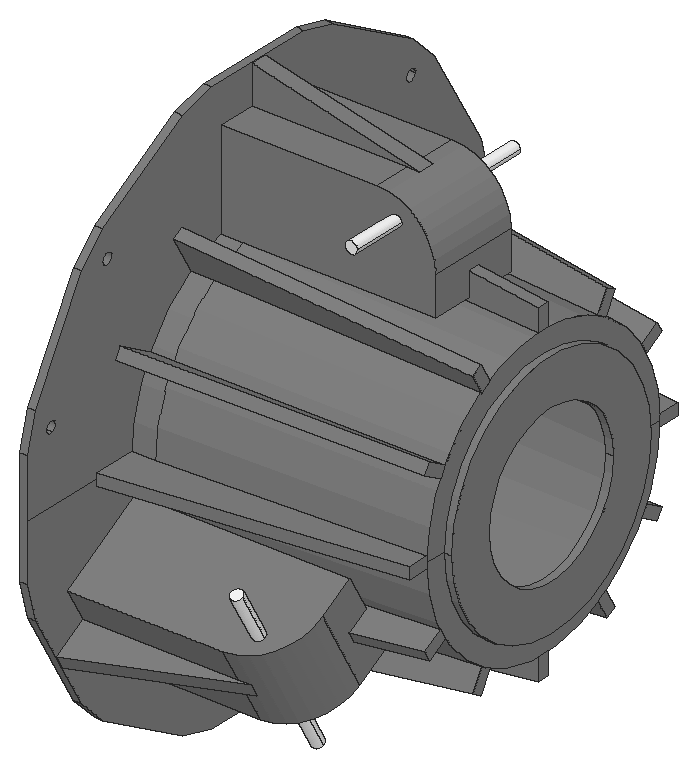
Revit family "L50-40FWS-RR", category Pipe Accessories, Revit 2016
Family settings
  Part Type = Breaks Into
  Round Connector Dimension = Use Diameter
  Work Plane-Based = No
  Always vertical = No
  Cut with Voids When Loaded = No
  Shared = No
Parameters
  URL = "http://www.snapcollars.com.au"
  Model = "L40S-RR"
  Manufacturer = "Snap Fire Systems"
  Description = "The L40S-RR is a high-top, cast-in fire collar for concrete slabs 150mm or thicker."
  Cut Depth Offset [instance] = -1 * (Cut Depth + 1 mm)  # -51 mm
  Cut Depth [instance] = 50 mm
Reference planes
  plane 1 "Center (Front/Back)": y = 0
  plane 2: z = 0
  plane 3 "Center (Left/Right)": x = 20
  plane 4: x = -9.391
  plane 5: x = 57.236
  plane 6: y = 90.593
  plane 7: y = -50
  plane 8: y = 100.593
  plane 9: y = -60
  plane 10: x = 37.557
  plane 11: x = 140.634
Forms (mm)
  Revolve 1, solid, material "PVC-Black", detail levels medium+fine
    sketch origin (220.609, 0, 0) x (1, 0, 0) y (0, 1, 0)
      loop
        line (-155, -37.157) -> (-155, -31.807) -> (-222.776, -38.749) -> (-230, -38.749) -> (-230, -75) -> (-227.967, -75) -> (-227.967, -40.636) -> (-221.904, -40.636) -> (-155, -37.157)
      axis (-230, 0) -> (-155, 0)
    angle from 0 to 360
  Extrusion 2, void
    sketch origin (-7.359, 0, 0) x (0, 1, 0) y (0, 0, -1)
      loop
        line (-19.703, -73.533) -> (19.703, -73.533) -> (53.83, -53.83) -> (73.533, -19.703) -> (73.533, 19.703) -> (53.83, 53.83) -> (19.703, 73.533) -> (-19.703, 73.533) -> (-53.83, 53.83) -> (-73.533, 19.703) -> (-73.533, -19.703) -> (-53.83, -53.83) -> (-19.703, -73.533)
      loop
        circle (0, 0) r 84.908
    from 0 to 2.033
  Extrusion 3, solid, material "PVC-Black", detail levels medium+fine
    sketch origin (220.609, 0, 0) x (1, 0, 0) y (0, 0, 1)
      loop
        line (-227.967, 63.668) -> (-227.967, 38.668) -> (-172.967, 38.668) -> (-172.967, 48.668)
        arc (-172.967, 48.668) -> (-177.361, 59.275) -> (-187.967, 63.668) r 15
        line (-187.967, 63.668) -> (-227.967, 63.668)
    from -12 to 12
  Extrusion 4, solid, material "PVC-Black", detail levels fine
    sketch origin (220.609, 0, 0) x (1, 0, 0) y (0, 0, 1)
      loop
        line (-227.967, 73.533) -> (-227.967, 63.668) -> (-184.924, 63.668) -> (-227.967, 73.533)
    from -2 to 2
  Extrusion 5, solid, material "PVC-White", not visible, detail levels fine
    sketch origin (0, 0, 0) x (1, 0, 0) y (0, 0, 1)
      loop
        line (-80, 60.418) -> (-227.967, 86.048) -> (-227.967, 69.12) -> (-80, 60.418)
    from -1.5 to 1.5
  Extrusion 6, solid, material "PVC-White", not visible, detail levels fine
    sketch origin (0, 0, 0) x (1, 0, 0) y (0, -0.5, 0.866025)
      loop
        line (-80, 60.418) -> (-227.967, 86.048) -> (-227.967, 69.12) -> (-80, 60.418)
    from -1.5 to 1.5
  Extrusion 7, solid, material "PVC-White", not visible, detail levels fine
    sketch origin (0, 0, 0) x (1, 0, 0) y (0, -0.866025, 0.5)
      loop
        line (-80, 60.418) -> (-227.967, 86.048) -> (-227.967, 69.12) -> (-80, 60.418)
    from -1.5 to 1.5
  Extrusion 8, solid, material "PVC-White", not visible, detail levels fine
    sketch origin (0, 0, 0) x (0, -1, 0) y (-1, 0, 0)
      loop
        line (60.418, 80) -> (86.048, 227.967) -> (69.12, 227.967) -> (60.418, 80)
    from -1.5 to 1.5
  Extrusion 9, solid, material "PVC-White", not visible, detail levels fine
    sketch origin (0, 0, 0) x (1, 0, 0) y (0, -0.866025, -0.5)
      loop
        line (-80, 60.418) -> (-227.967, 86.048) -> (-227.967, 69.12) -> (-80, 60.418)
    from -1.5 to 1.5
  Extrusion 10, solid, material "PVC-White", not visible, detail levels fine
    sketch origin (0, 0, 0) x (1, 0, 0) y (0, -0.5, -0.866025)
      loop
        line (-80, 60.418) -> (-227.967, 86.048) -> (-227.967, 69.12) -> (-80, 60.418)
    from -1.5 to 1.5
  Extrusion 11, solid, material "PVC-White", not visible, detail levels fine
    sketch origin (0, 0, 0) x (1, 0, 0) y (0, 0, -1)
      loop
        line (-80, 60.418) -> (-227.967, 86.048) -> (-227.967, 69.12) -> (-80, 60.418)
    from -1.5 to 1.5
  Extrusion 12, solid, material "PVC-White", not visible, detail levels fine
    sketch origin (0, 0, 0) x (1, 0, 0) y (0, 0.5, -0.866025)
      loop
        line (-80, 60.418) -> (-227.967, 86.048) -> (-227.967, 69.12) -> (-80, 60.418)
    from -1.5 to 1.5
  Extrusion 13, solid, material "PVC-White", not visible, detail levels fine
    sketch origin (0, 0, 0) x (1, 0, 0) y (0, 0.866025, -0.5)
      loop
        line (-80, 60.418) -> (-227.967, 86.048) -> (-227.967, 69.12) -> (-80, 60.418)
    from -1.5 to 1.5
  Extrusion 14, solid, material "PVC-White", not visible, detail levels fine
    sketch origin (0, 0, 0) x (1, 0, 0) y (0, 1, 0)
      loop
        line (-80, 60.418) -> (-227.967, 86.048) -> (-227.967, 69.12) -> (-80, 60.418)
    from -1.5 to 1.5
  Extrusion 15, solid, material "PVC-White", not visible, detail levels fine
    sketch origin (0, 0, 0) x (1, 0, 0) y (0, 0.866025, 0.5)
      loop
        line (-80, 60.418) -> (-227.967, 86.048) -> (-227.967, 69.12) -> (-80, 60.418)
    from -1.5 to 1.5
  Extrusion 16, solid, material "PVC-White", not visible, detail levels fine
    sketch origin (0, 0, 0) x (1, 0, 0) y (0, 0.5, 0.866025)
      loop
        line (-80, 60.418) -> (-227.967, 86.048) -> (-227.967, 69.12) -> (-80, 60.418)
    from -1.5 to 1.5
  Extrusion 17, solid, material "PVC-White", detail levels fine
    sketch origin (194.71, 0, -22.494) x (1, 0, 0) y (0, 0, 1)
      loop
        circle (-157.362, 79.878) r 1.5
    from -26 to 26
  Extrusion 18, solid, material "PVC-Black", detail levels fine
    sketch origin (220.609, 0, 0) x (1, 0, 0) y (0, 0, -1)
      loop
        line (-155, -42.849) -> (-155, -37.128) -> (-221.904, -40.606) -> (-227.967, -40.606) -> (-227.967, -51.95) -> (-155, -42.849)
    from -1.5 to 1.5
  Extrusion 19, solid, material "PVC-Black", detail levels fine
    sketch origin (220.609, 0, 0) x (1, 0, 0) y (0, -0.5, -0.866025)
      loop
        line (-155, -42.849) -> (-155, -37.128) -> (-221.904, -40.606) -> (-227.967, -40.606) -> (-227.967, -51.95) -> (-155, -42.849)
    from -1.5 to 1.5
  Extrusion 20, solid, material "PVC-Black", detail levels fine
    sketch origin (220.609, 0, 0) x (1, 0, 0) y (0, -0.866025, -0.5)
      loop
        line (-155, -42.849) -> (-155, -37.128) -> (-221.904, -40.606) -> (-227.967, -40.606) -> (-227.967, -51.95) -> (-155, -42.849)
    from -1.5 to 1.5
  Extrusion 21, solid, material "PVC-Black", detail levels fine
    sketch origin (220.609, 0, 0) x (0, -1, 0) y (-1, 0, 0)
      loop
        line (-42.849, 155) -> (-37.128, 155) -> (-40.606, 221.904) -> (-40.606, 227.967) -> (-51.95, 227.967) -> (-42.849, 155)
    from -1.5 to 1.5
  Extrusion 22, solid, material "PVC-Black", detail levels fine
    sketch origin (220.609, 0, 0) x (1, 0, 0) y (0, -0.866025, 0.5)
      loop
        line (-155, -42.849) -> (-155, -37.128) -> (-221.904, -40.606) -> (-227.967, -40.606) -> (-227.967, -51.95) -> (-155, -42.849)
    from -1.5 to 1.5
  Extrusion 23, solid, material "PVC-Black", detail levels fine
    sketch origin (220.609, 0, 0) x (1, 0, 0) y (0, -0.5, 0.866025)
      loop
        line (-155, -42.849) -> (-155, -37.128) -> (-221.904, -40.606) -> (-227.967, -40.606) -> (-227.967, -51.95) -> (-155, -42.849)
    from -1.5 to 1.5
  Extrusion 24, solid, material "PVC-Black", detail levels fine
    sketch origin (220.609, 0, 0) x (1, 0, 0) y (0, 0, 1)
      loop
        line (-155, -42.849) -> (-155, -37.128) -> (-221.904, -40.606) -> (-227.967, -40.606) -> (-227.967, -51.95) -> (-155, -42.849)
    from -1.5 to 1.5
  Extrusion 25, solid, material "PVC-Black", detail levels fine
    sketch origin (220.609, 0, 0) x (1, 0, 0) y (0, 0.5, 0.866025)
      loop
        line (-155, -42.849) -> (-155, -37.128) -> (-221.904, -40.606) -> (-227.967, -40.606) -> (-227.967, -51.95) -> (-155, -42.849)
    from -1.5 to 1.5
  Extrusion 26, solid, material "PVC-Black", detail levels fine
    sketch origin (220.609, 0, 0) x (1, 0, 0) y (0, 0.866025, 0.5)
      loop
        line (-155, -42.849) -> (-155, -37.128) -> (-221.904, -40.606) -> (-227.967, -40.606) -> (-227.967, -51.95) -> (-155, -42.849)
    from -1.5 to 1.5
  Extrusion 27, solid, material "PVC-Black", detail levels fine
    sketch origin (220.609, 0, 0) x (1, 0, 0) y (0, 1, 0)
      loop
        line (-155, -42.849) -> (-155, -37.128) -> (-221.904, -40.606) -> (-227.967, -40.606) -> (-227.967, -51.95) -> (-155, -42.849)
    from -1.5 to 1.5
  Extrusion 28, solid, material "PVC-Black", detail levels fine
    sketch origin (220.609, 0, 0) x (1, 0, 0) y (0, 0.866025, -0.5)
      loop
        line (-155, -42.849) -> (-155, -37.128) -> (-221.904, -40.606) -> (-227.967, -40.606) -> (-227.967, -51.95) -> (-155, -42.849)
    from -1.5 to 1.5
  Extrusion 29, solid, material "PVC-Black", detail levels fine
    sketch origin (220.609, 0, 0) x (1, 0, 0) y (0, 0.5, -0.866025)
      loop
        line (-155, -42.849) -> (-155, -37.128) -> (-221.904, -40.606) -> (-227.967, -40.606) -> (-227.967, -51.95) -> (-155, -42.849)
    from -1.5 to 1.5
  Extrusion 30, solid, material "PVC-Black", detail levels medium+fine
    sketch origin (220.609, 0, 0) x (1, 0, 0) y (0, 0.866025, -0.5)
      loop
        line (-227.967, 63.668) -> (-227.967, 38.668) -> (-172.967, 38.668) -> (-172.967, 48.668)
        arc (-172.967, 48.668) -> (-177.361, 59.275) -> (-187.967, 63.668) r 15
        line (-187.967, 63.668) -> (-227.967, 63.668)
    from -12 to 12
  Extrusion 31, solid, material "PVC-Black", detail levels fine
    sketch origin (220.609, 0, 0) x (1, 0, 0) y (0, 0.866025, -0.5)
      loop
        line (-227.967, 73.533) -> (-227.967, 63.668) -> (-184.924, 63.668) -> (-227.967, 73.533)
    from -2 to 2
  Extrusion 32, solid, material "PVC-White", detail levels fine
    sketch origin (194.71, -19.481, 11.247) x (1, 0, 0) y (0, 0.866025, -0.5)
      loop
        circle (-157.362, 79.878) r 1.5
    from -26 to 26
  Extrusion 33, solid, material "PVC-Black", detail levels medium+fine
    sketch origin (220.609, 0, 0) x (1, 0, 0) y (0, -0.866025, -0.5)
      loop
        line (-227.967, 63.668) -> (-227.967, 38.668) -> (-172.967, 38.668) -> (-172.967, 48.668)
        arc (-172.967, 48.668) -> (-177.361, 59.275) -> (-187.967, 63.668) r 15
        line (-187.967, 63.668) -> (-227.967, 63.668)
    from -12 to 12
  Extrusion 34, solid, material "PVC-Black", detail levels fine
    sketch origin (220.609, 0, 0) x (1, 0, 0) y (0, -0.866025, -0.5)
      loop
        line (-227.967, 73.533) -> (-227.967, 63.668) -> (-184.924, 63.668) -> (-227.967, 73.533)
    from -2 to 2
  Extrusion 35, solid, material "PVC-White", detail levels fine
    sketch origin (194.71, 19.481, 11.247) x (1, 0, 0) y (0, -0.866025, -0.5)
      loop
        circle (-157.362, 79.878) r 1.5
    from -26 to 26
  Extrusion 36, void
    sketch origin (-7.359, 0, 0) x (0, -1, 0) y (0, 0, -1)
      loop
        circle (-48.826, -48.292) r 1.5
      loop
        circle (-66.43, -17.409) r 1.5
      loop
        circle (66.235, -18.139) r 1.5
      loop
        circle (48.292, -48.826) r 1.5
    from 0 to -2.033
  Extrusion 37, solid, material "PVC-Black"
    sketch origin (65.609, 0, 0) x (0, -1, 0) y (0, 0, -1)
      loop
        circle (0, 0) r 20
      loop
        circle (0, 0) r 31.807
    from 0 to 2
Cuts and joins
  Extrusion 2, Extrusion 36 cuts Revolve 1
Dimensions and locks
  Extrusion 5 sketch curve to Extrusion 5 sketch curve = 0 mm
  Extrusion 6 sketch curve to Extrusion 6 sketch curve = 0 mm
  Extrusion 7 sketch curve to Extrusion 7 sketch curve = 0 mm
  Extrusion 8 sketch curve to Extrusion 8 sketch curve = 0 mm
  Extrusion 9 sketch curve to Extrusion 9 sketch curve = 0 mm
  Extrusion 10 sketch curve to Extrusion 10 sketch curve = 0 mm
  Extrusion 11 sketch curve to Extrusion 11 sketch curve = 0 mm
  Extrusion 12 sketch curve to Extrusion 12 sketch curve = 0 mm
  Extrusion 13 sketch curve to Extrusion 13 sketch curve = 0 mm
  Extrusion 14 sketch curve to Extrusion 14 sketch curve = 0 mm
  Extrusion 15 sketch curve to Extrusion 15 sketch curve = 0 mm
  Extrusion 16 sketch curve to Extrusion 16 sketch curve = 0 mm
  aligned and locked: level to plane 2
  aligned and locked: plane 1 "Center (Front/Back)" to Revolve 1 sketch curve
Connectors
  piping at (37.557, 0, 0), diameter 40
    settings: on plane 10, index 4, connector inside diameter 609.6 mm, connector length 0 mm, flow factor 0, pipe flow 0.0 L/s, pressure drop 0.0 Pa, fitting loss kfactor 0, connector angle 0.00°, fixture units 0, engagement length 0 mm, angle of deflection 0.00°, flow configuration 0, flow direction 0, fitting loss method 0, system type 7, joint type 0, gender type 0, connector reference index -1, connector utility 0, adjustable connector no, is connector primary yes, connector description ""
  piping at (37.557, 0, -0.118), diameter 40
    settings: on plane 10, index 5, connector inside diameter 609.6 mm, connector length 0 mm, flow factor 0, pipe flow 0.0 L/s, pressure drop 0.0 Pa, fitting loss kfactor 0, connector angle 0.00°, fixture units 0, engagement length 0 mm, angle of deflection 0.00°, flow configuration 0, flow direction 0, fitting loss method 0, system type 7, joint type 0, gender type 0, connector reference index -1, connector utility 0, adjustable connector no, is connector primary no, connector description ""
